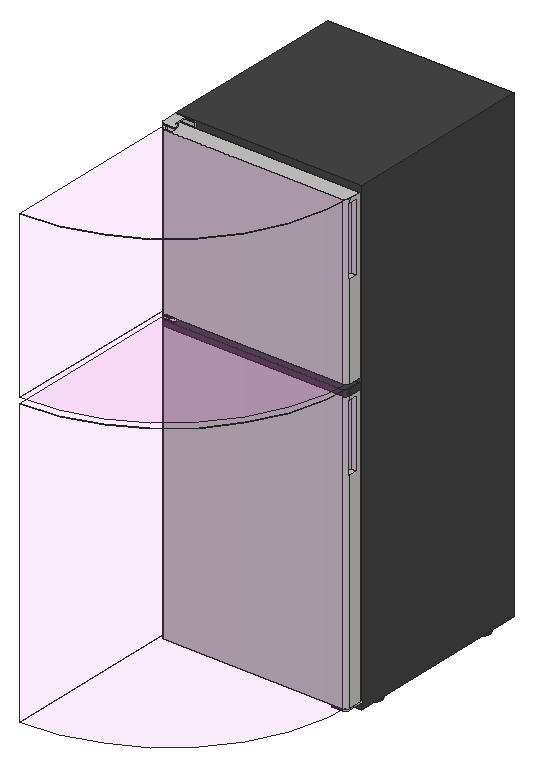
Revit family "QF_Summit_FF1087B_Frost_Free_Refrigerator_Freezer", category Specialty Equipment, Revit 2020
Family settings
  Round Connector Dimension = Use Diameter
  Part Type = Normal
  Work Plane-Based = No
  Always vertical = Yes
  Cut with Voids When Loaded = No
  Shared = No
  Room Calculation Point = No
Parameters
  Weight in Pounds = 117
  Watts = Volts * FL Amps  # 172.5 W
  Volts = 115 V
  URL Cutsheet = ""
  Specification by User = ""
  Specification by Manufacturer = ""
  Show RHD [instance] = not(Show LHD)  # yes
  Show LHD [instance] = no
  Show Clearance [instance] = yes
  Serial Number = ""
  Seismic Rating = ""
  SMACNA No = ""
  Revision Code = ""
  Refrigerant Volume = 0.00 kip
  Refrigerant Type = "R600a"
  Phase = 1
  Number of Poles = 1
  NAFEM Spec ID Number = ""
  Model = "FF1089PL"
  Min Ckt Ampacity = 0 A
  Max Overcurrent Protection = 0 A
  Masterspec = ""
  Manufacturer = "Summit"
  Length = 23 1/4"
  Item Number = ""
  Installed By = ""
  Identify Quantity as Lot = yes
  Height = 59 5/8"
  HP = ""
  Furnished By = ""
  Foodservice Equipment Identifier = yes
  FL Amps = 1.5 A
  Electrical Remarks = ""
  Electric Connection Type = ""
  Elec Conn RI Height = 0"
  Elec Conn Connection Height = 0"
  Description = "Top Mount Refrigerator-Freezer"
  Depth = 26 1/2"
  Default Elevation = 0"
  Cycle = 60 Hz
  Conn Plug = ""
  Conn Conduit = yes
  CSI MasterFormat = ""
  BTUH = 0.0 Btu/h
  Apparent Power = 0 VA
Reference planes (in)
  plane 1 "BACK": y = 0
  plane 2: z = 0
  plane 3 "LEFT": x = 0
  plane 4 "RIGHT": x = 23.25
  plane 5 "FRONT": y = -26.5
  plane 6 "TOP": z = 59.625
  plane 7 "Center Y": x = 11.625
  plane 8 "Center X": y = -13.25
Dimensions and locks (in)
  equal spacing: plane 3 "LEFT", plane 7 "Center Y", plane 4 "RIGHT"
  "Length": plane 3 "LEFT" to plane 4 "RIGHT"
  equal spacing: plane 5 "FRONT", plane 8 "Center X", plane 1 "BACK"
  "Depth": plane 5 "FRONT" to plane 1 "BACK"
  "Height": plane 6 "TOP" to level
  aligned and locked: level to plane 2
Nested families (in)
  nested 1: "FF1087B" at (0, 0, 0), Show Clearance <- "Show Clearance", Show LHD <- "Show LHD", Show RHD <- "Show RHD", type "FF1087B"
    with Show RHD yes, Show LHD no, Show Clearance yes
Connectors (in)
  electrical at (19.5385, 0.03125, 2.88959), driven by "Volts", driven by "Watts"
    settings: on nested 1, index 1, voltage 115 V, apparent load 172.5 VA, apparent load phase1 0 VA, apparent load phase2 0 VA, apparent load phase3 0 VA, power factor 1, load classification "Other", number of poles 1, system type 30, power factor state 1, is connector primary yes, connector utility no, sub classification motor no, connector description "ELECTRICAL CONNECTION"
Definition of nested family "FF1087B"
  Parameters (values of type "FF1087B")
    Weight in Pounds = 0
    URL Cutsheet = ""
    Specification by User = ""
    Specification by Manufacturer = ""
    Show RHD [instance] = yes
    Show LHD [instance] = yes
    Show Clearance [instance] = yes
    Serial Number = ""
    Seismic Rating = ""
    SMACNA No = ""
    Revision Code = ""
    NAFEM Spec ID Number = ""
    Masterspec = ""
    Length = 23 1/4"
    Item Number = ""
    Installed By = ""
    Identify Quantity as Lot = yes
    Height = 59 5/8"
    Furnished By = ""
    Foodservice Equipment Identifier = yes
    Depth = 26 1/2"
    Default Elevation = 0"
    CSI MasterFormat = ""
  Reference planes (in)
    plane 1 "BACK": y = 0
    plane 2: z = 0
    plane 3 "LEFT": x = 0
    plane 4 "RIGHT": x = 23.25
    plane 5 "FRONT": y = -26.5
    plane 6 "TOP": z = 59.625
    plane 7 "Center Y": x = 11.625
    plane 8 "Center X": y = -13.25
    plane 9: z = 1
    plane 10: y = -48
  Forms (in)
    Extrusion 1, solid
      sketch origin (-7.61333, -180, 1) x (-1, 0, 0) y (0, -1, 0)
        loop
          line (-7.61333, -180) -> (-7.61333, -156.375) -> (-30.86333, -156.375) -> (-30.86333, -180) -> (-7.61333, -180)
      from 0 to 58.625
    Extrusion 2, solid
      sketch origin (-7.61333, -180, 59) x (-1, 0, 0) y (0, -1, 0)
        loop
          line (-7.61333, -155.93028) -> (-7.61333, -154.39525)
          arc (-7.61333, -154.39525) -> (-7.74743, -154.05448) -> (-8.07781, -153.89651) r 0.5
          arc (-8.07781, -153.89651) -> (-19.23833, -153.49958) -> (-30.39885, -153.89651) r 157.10016
          arc (-30.39885, -153.89651) -> (-30.72922, -154.05448) -> (-30.86333, -154.39525) r 0.5
          line (-30.86333, -154.39525) -> (-30.86333, -155.93028) -> (-7.61333, -155.93028)
      from 0 to -20.625
    Extrusion 3, solid
      sketch origin (-7.61333, -180, 37.75) x (-1, 0, 0) y (0, -1, 0)
        loop
          line (-7.61333, -155.93028) -> (-7.61333, -154.39525)
          arc (-7.61333, -154.39525) -> (-7.74743, -154.05448) -> (-8.07781, -153.89651) r 0.5
          arc (-8.07781, -153.89651) -> (-19.23833, -153.49958) -> (-30.39885, -153.89651) r 157.10016
          arc (-30.39885, -153.89651) -> (-30.72922, -154.05448) -> (-30.86333, -154.39525) r 0.5
          line (-30.86333, -154.39525) -> (-30.86333, -155.93028) -> (-7.61333, -155.93028)
      from -0.75 to -35.75
    Extrusion 4, solid
      sketch origin (-7.61333, -180, 59) x (-1, 0, 0) y (0, -1, 0)
        loop
          line (-30.74672, -156.375) -> (-7.74209, -156.375) -> (-7.74209, -155.93028) -> (-30.74672, -155.93028) -> (-30.74672, -156.375)
      from -0.24547 to -20.26909
    Extrusion 5, solid
      sketch origin (-7.61333, -180, 37.75) x (-1, 0, 0) y (0, -1, 0)
        loop
          line (-30.74672, -156.375) -> (-7.74209, -156.375) -> (-7.74209, -155.93028) -> (-30.74672, -155.93028) -> (-30.74672, -156.375)
      from -0.38759 to -35.3814
    Extrusion 6, solid, visible <- "Show LHD"
      sketch origin (-7.61333, -180, 59.625) x (-1, 0, 0) y (0, -1, 0)
        loop
          line (-29.60685, -156.21332) -> (-29.60685, -154.96332) -> (-29.07652, -154.43299) -> (-29.07652, -153.89651) -> (-30.39885, -153.89651)
          arc (-30.39885, -153.89651) -> (-30.72922, -154.05448) -> (-30.86333, -154.39525) r 0.5
          line (-30.86333, -154.39525) -> (-30.86333, -156.375) -> (-28.35685, -156.375) -> (-28.35685, -156.21332) -> (-29.60685, -156.21332)
      from 0 to -0.11515
    Extrusion 7, solid, visible <- "Show LHD"
      sketch origin (-7.61333, -180, 59.50985) x (0, -1, 0) y (-1, 0, 0)
        loop
          circle (-154.55995, -30.08212) r 0.5
      from 0 to 0.50985
    Extrusion 8, solid, visible <- "Show LHD"
      sketch origin (24.24916, -23.625, 1) x (-1, 0, 0) y (0, 0, -1)
        loop
          line (3.50564, -58.50985) -> (3.50564, -58) -> (0.99916, -58) -> (0.99916, -58.50985) -> (3.50564, -58.50985)
      from 0 to 0.16168
    Extrusion 9, solid, visible <- "Show LHD"
      sketch origin (-7.61333, -180, 38.375) x (0, -1, 0) y (-1, 0, 0)
        loop
          line (-156.21332, -29.60685) -> (-156.21332, -28.35685) -> (-156.375, -28.35685) -> (-156.375, -30.86333) -> (-154.39525, -30.86333)
          arc (-154.39525, -30.86333) -> (-154.05448, -30.72922) -> (-153.89651, -30.39885) r 0.5
          line (-153.89651, -30.39885) -> (-153.89651, -29.07652) -> (-154.43299, -29.07652) -> (-154.96332, -29.60685) -> (-156.21332, -29.60685)
      from 0 to 0.11328
    Extrusion 10, solid, visible <- "Show LHD"
      sketch origin (24.24916, -23.625, -20.13485) x (-1, 0, 0) y (0, 0, -1)
        loop
          line (3.50564, -58.50985) -> (3.50564, -58.19538) -> (0.99916, -58.19538) -> (0.99916, -58.50985) -> (3.50564, -58.50985)
      from 0 to 0.16168
    Extrusion 11, solid, visible <- "Show LHD"
      sketch origin (-7.61333, -180, 38.26172) x (1, 0, 0) y (0, -1, 0)
        loop
          circle (30.08212, -154.55995) r 0.5
      from 0 to 0.20119
    Extrusion 12, solid, visible <- "Show LHD"
      sketch origin (-7.61333, -180, 37.87144) x (1, 0, 0) y (0, 1, 0)
        loop
          line (29.60685, 156.21332) -> (29.60685, 154.96332) -> (29.07652, 154.43299) -> (29.07652, 153.89651) -> (30.39885, 153.89651)
          arc (30.39885, 153.89651) -> (30.72922, 154.05448) -> (30.86333, 154.39525) r 0.5
          line (30.86333, 154.39525) -> (30.86333, 156.375) -> (28.35685, 156.375) -> (28.35685, 156.21332) -> (29.60685, 156.21332)
      from 0 to 0.11328
    Extrusion 13, solid, visible <- "Show LHD"
      sketch origin (24.24916, -23.625, 96.25985) x (-1, 0, 0) y (0, 0, -1)
        loop
          line (3.50564, 58.50985) -> (0.99916, 58.50985) -> (0.99916, 58.38841) -> (3.50564, 58.38841) -> (3.50564, 58.50985)
      from 0 to 0.16168
    Extrusion 14, solid, visible <- "Show LHD"
      sketch origin (-7.61333, -180, 37.98472) x (0, 1, 0) y (1, 0, 0)
        loop
          circle (154.55995, 30.08212) r 0.5
      from 0.11328 to 0.23472
    Extrusion 15, solid
      sketch origin (-7.61333, -180, 1.87856) x (0, -1, 0) y (-1, 0, 0)
        loop
          line (-156.21332, -29.60685) -> (-156.21332, -28.35685) -> (-156.375, -28.35685) -> (-156.375, -30.86333) -> (-154.39525, -30.86333)
          arc (-154.39525, -30.86333) -> (-154.05448, -30.72922) -> (-153.89651, -30.39885) r 0.5
          line (-153.89651, -30.39885) -> (-153.89651, -29.07652) -> (-154.43299, -29.07652) -> (-154.96332, -29.60685) -> (-156.21332, -29.60685)
      from 0 to 0.11328
    Extrusion 16, solid
      sketch origin (24.24916, -23.625, -56.50985) x (-1, 0, 0) y (0, 0, -1)
        loop
          line (3.50564, -58.50985) -> (3.50564, -58.38841) -> (0.99916, -58.38841) -> (0.99916, -58.50985) -> (3.50564, -58.50985)
      from 0 to 0.16168
    Extrusion 17, solid
      sketch origin (-7.61333, -180, 1.87856) x (0, -1, 0) y (1, 0, 0)
        loop
          circle (-154.55995, 30.08212) r 0.5
      from 0 to 0.12144
    Extrusion 18, solid
      sketch origin (0, 0, 0) x (1, 0, 0) y (0, 0, 1)
        loop
          circle (19.5385, 2.88959) r 0.25
      from 0 to -0.03125
    Extrusion 19, solid, visible <- "Show LHD"
      sketch origin (-7.61333, -180, 59) x (-1, 0, 0) y (0, -1, 0)
        loop
          arc (-7.61333, -155.93028) -> (-14.17783, -139.0485) -> (-30.86333, -132) r 23.25
          line (-30.86333, -132) -> (-30.86333, -155.93028) -> (-7.61333, -155.93028)
      from 0 to -20.625
    Extrusion 20, solid, visible <- "Show LHD"
      sketch origin (-7.61333, -180, 37) x (-1, 0, 0) y (0, -1, 0)
        loop
          arc (-7.62328, -155.93028) -> (-14.18431, -139.05207) -> (-30.86333, -132) r 23.25
          line (-30.86333, -132) -> (-30.86333, -155.93028) -> (-7.62328, -155.93028)
      from 0.75 to -35
    Extrusion 21, void
      sketch origin (0, 0, 0) x (0, 1, 0) y (0, 0, 1)
        loop
          line (-24.51783, 58.58233) -> (-25.76783, 58.58233) -> (-25.76783, 50.08233) -> (-24.51783, 50.08233) -> (-24.51783, 58.58233)
        loop
          line (-24.51783, 36.58233) -> (-25.76783, 36.58233) -> (-25.76783, 28.08233) -> (-24.51783, 28.08233) -> (-24.51783, 36.58233)
      from 0 to 0.6986
    Revolve 22, solid
      sketch origin (-240, -19.625, 7.84354) x (0, 0, 1) y (-1, 0, 0)
        loop
          line (-6.84354, -241.5) -> (-7.84354, -241.5) -> (-7.84354, -242.25) -> (-6.84354, -242.25) -> (-6.84354, -241.5)
        axis (-7.84354, -241.5) -> (-6.84354, -241.5)
      angle from 0 to 360
    Revolve 23, solid
      sketch origin (-240, -19.625, 7.84354) x (0, 0, 1) y (-1, 0, 0)
        loop
          line (-6.84354, -261.75) -> (-6.84354, -261) -> (-7.84354, -261) -> (-7.84354, -261.75) -> (-6.84354, -261.75)
        axis (-7.84354, -261.75) -> (-6.84354, -261.75)
      angle from 0 to 360
    Revolve 24, solid
      sketch origin (-240, -2.75, 7.84354) x (0, 0, 1) y (1, 0, 0)
        loop
          line (-6.84354, 241.5) -> (-6.84354, 242.25) -> (-7.84354, 242.25) -> (-7.84354, 241.5) -> (-6.84354, 241.5)
        axis (-7.84354, 241.5) -> (-6.84354, 241.5)
      angle from 0 to 360
    Revolve 25, solid
      sketch origin (-240, -2.75, 7.84354) x (0, 0, 1) y (1, 0, 0)
        loop
          line (-6.84354, 261.75) -> (-7.84354, 261.75) -> (-7.84354, 261) -> (-6.84354, 261) -> (-6.84354, 261.75)
        axis (-7.84354, 261.75) -> (-6.84354, 261.75)
      angle from 0 to 360
    Extrusion 26, solid, visible <- "Show RHD"
      sketch origin (30.86333, -180, 59) x (1, 0, 0) y (0, 1, 0)
        loop
          line (-7.61333, 155.93028) -> (-30.86333, 155.93028) -> (-30.86333, 132)
          arc (-30.86333, 132) -> (-14.17783, 139.0485) -> (-7.61333, 155.93028) r 23.25
      from 0 to -20.625
    Extrusion 27, solid, visible <- "Show RHD"
      sketch origin (30.86333, -180, 37) x (1, 0, 0) y (0, 1, 0)
        loop
          line (-7.62328, 155.93028) -> (-30.86333, 155.93028) -> (-30.86333, 132)
          arc (-30.86333, 132) -> (-14.18431, 139.05207) -> (-7.62328, 155.93028) r 23.25
      from 0.75 to -35
    Extrusion 28, solid, visible <- "Show RHD"
      sketch origin (30.86333, -180, 59.625) x (1, 0, 0) y (0, 1, 0)
        loop
          line (-29.60685, 156.21332) -> (-28.35685, 156.21332) -> (-28.35685, 156.375) -> (-30.86333, 156.375) -> (-30.86333, 154.39525)
          arc (-30.86333, 154.39525) -> (-30.72922, 154.05448) -> (-30.39885, 153.89651) r 0.5
          line (-30.39885, 153.89651) -> (-29.07652, 153.89651) -> (-29.07652, 154.43299) -> (-29.60685, 154.96332) -> (-29.60685, 156.21332)
      from 0 to -0.11515
    Extrusion 29, solid, visible <- "Show RHD"
      sketch origin (30.86333, -180, 59.50985) x (0, 1, 0) y (1, 0, 0)
        loop
          circle (154.55995, -30.08212) r 0.5
      from 0 to 0.50985
    Extrusion 30, solid, visible <- "Show RHD"
      sketch origin (-0.99916, -23.625, 1) x (1, 0, 0) y (0, 0, 1)
        loop
          line (3.50564, 58.50985) -> (0.99916, 58.50985) -> (0.99916, 58) -> (3.50564, 58) -> (3.50564, 58.50985)
      from 0 to 0.16168
    Extrusion 31, solid, visible <- "Show RHD"
      sketch origin (30.86333, -180, 38.375) x (0, 1, 0) y (1, 0, 0)
        loop
          line (156.21332, -29.60685) -> (154.96332, -29.60685) -> (154.43299, -29.07652) -> (153.89651, -29.07652) -> (153.89651, -30.39885)
          arc (153.89651, -30.39885) -> (154.05448, -30.72922) -> (154.39525, -30.86333) r 0.5
          line (154.39525, -30.86333) -> (156.375, -30.86333) -> (156.375, -28.35685) -> (156.21332, -28.35685) -> (156.21332, -29.60685)
      from 0 to 0.11328
    Extrusion 32, solid, visible <- "Show RHD"
      sketch origin (-0.99916, -23.625, -20.13485) x (1, 0, 0) y (0, 0, 1)
        loop
          line (3.50564, 58.50985) -> (0.99916, 58.50985) -> (0.99916, 58.19538) -> (3.50564, 58.19538) -> (3.50564, 58.50985)
      from 0 to 0.16168
    Extrusion 33, solid, visible <- "Show RHD"
      sketch origin (30.86333, -180, 38.26172) x (-1, 0, 0) y (0, 1, 0)
        loop
          circle (30.08212, 154.55995) r 0.5
      from 0 to 0.20119
    Extrusion 34, solid, visible <- "Show RHD"
      sketch origin (30.86333, -180, 37.87144) x (-1, 0, 0) y (0, -1, 0)
        loop
          line (29.60685, -156.21332) -> (28.35685, -156.21332) -> (28.35685, -156.375) -> (30.86333, -156.375) -> (30.86333, -154.39525)
          arc (30.86333, -154.39525) -> (30.72922, -154.05448) -> (30.39885, -153.89651) r 0.5
          line (30.39885, -153.89651) -> (29.07652, -153.89651) -> (29.07652, -154.43299) -> (29.60685, -154.96332) -> (29.60685, -156.21332)
      from 0 to 0.11328
    Extrusion 35, solid, visible <- "Show RHD"
      sketch origin (-0.99916, -23.625, 96.25985) x (1, 0, 0) y (0, 0, 1)
        loop
          line (3.50564, -58.50985) -> (3.50564, -58.38841) -> (0.99916, -58.38841) -> (0.99916, -58.50985) -> (3.50564, -58.50985)
      from 0 to 0.16168
    Extrusion 36, solid, visible <- "Show RHD"
      sketch origin (30.86333, -180, 37.98472) x (0, -1, 0) y (-1, 0, 0)
        loop
          circle (-154.55995, 30.08212) r 0.5
      from 0.11328 to 0.23472
    Extrusion 37, void
      sketch origin (23.25, 0, 0) x (0, 1, 0) y (0, 0, -1)
        loop
          line (-24.51783, -58.58233) -> (-24.51783, -50.08233) -> (-25.76783, -50.08233) -> (-25.76783, -58.58233) -> (-24.51783, -58.58233)
        loop
          line (-24.51783, -36.58233) -> (-24.51783, -28.08233) -> (-25.76783, -28.08233) -> (-25.76783, -36.58233) -> (-24.51783, -36.58233)
      from 0 to 0.6986
    Extrusion 38, solid
      sketch origin (-7.61333, -180, 39.75) x (-1, 0, 0) y (0, -1, 0)
        loop
          line (-7.61333, -155.93028) -> (-7.61333, -154.39525)
          arc (-7.61333, -154.39525) -> (-7.74743, -154.05448) -> (-8.07781, -153.89651) r 0.5
          arc (-8.07781, -153.89651) -> (-19.23833, -153.49958) -> (-30.39885, -153.89651) r 157.10016
          arc (-30.39885, -153.89651) -> (-30.72922, -154.05448) -> (-30.86333, -154.39525) r 0.5
          line (-30.86333, -154.39525) -> (-30.86333, -155.93028) -> (-7.61333, -155.93028)
      from -2 to -2.75
  Cuts and joins
    joined: Extrusion 6, Extrusion 8
    joined: Extrusion 15, Extrusion 16
    joined: Extrusion 12, Extrusion 13
    joined: Extrusion 9, Extrusion 10
    Extrusion 21, Extrusion 37 cuts Extrusion 2
    Extrusion 21, Extrusion 37 cuts Extrusion 3
    Extrusion 37 cuts Extrusion 20
  Lines and regions (in)
    symbolic lines, visible <- "Show LHD"
      curve 1: line (23.25, -24.06972, 0) -> (2.81923, -35.86543, 0)
      curve 2: arc (0, -24.06972, 0) -> (0.62694, -30.15463, 0) -> (2.81923, -35.86543, 0) r 23.25
      curve 7: line (20.74352, -23.625, 0) -> (20.74352, -23.78668, 0)
      curve 8: line (20.74352, -23.78668, 0) -> (23.25, -23.78668, 0)
      curve 9: line (21.99352, -23.78668, 0) -> (21.99352, -25.03668, 0)
      curve 10: line (21.99352, -25.03668, 0) -> (21.46319, -25.56701, 0)
      curve 11: line (21.46319, -25.56701, 0) -> (21.46319, -26.10349, 0)
      curve 12: line (21.46319, -26.10349, 0) -> (22.78552, -26.10349, 0)
      curve 15: line (21.99352, -24.06972, 0) -> (0, -24.06972, 0)
    symbolic lines
      curve 3: line (0, 0, 0) -> (0, -23.625, 0)
      curve 4: line (0, -23.625, 0) -> (23.25, -23.625, 0)
      curve 5: line (23.25, -25.60475, 0) -> (23.25, 0, 0)
      curve 6: line (23.25, 0, 0) -> (0, 0, 0)
      curve 13: arc (22.78552, -26.10349, 0) -> (23.1159, -25.94552, 0) -> (23.25, -25.60475, 0) r 0.5
      curve 14: line (0.12876, -23.625, 0) -> (0.12876, -24.06972, 0)
      curve 16: line (0, -24.06972, 0) -> (0, -25.60475, 0)
      curve 17: arc (0, -25.60475, 0) -> (0.1341, -25.94552, 0) -> (0.46448, -26.10349, 0) r 0.5
      curve 18: arc (0.46448, -26.10349, 0) -> (11.625, -26.50042, 0) -> (22.78552, -26.10349, 0) r 157.10016
    symbolic lines, visible <- "Show RHD"
      curve 19: line (0, -24.06972, 0) -> (20.43077, -35.86543, 0)
      curve 20: arc (23.25, -24.06972, 0) -> (22.62306, -30.15463, 0) -> (20.43077, -35.86543, 0) r 23.25
      curve 21: line (1.25648, -23.78668, 0) -> (1.25648, -25.03668, 0)
      curve 22: line (1.25648, -25.03668, 0) -> (1.78681, -25.56701, 0)
      curve 23: line (1.78681, -25.56701, 0) -> (1.78681, -26.10349, 0)
      curve 24: line (1.78681, -26.10349, 0) -> (0.46448, -26.10349, 0)
      curve 25: line (2.50648, -23.625, 0) -> (2.50648, -23.78668, 0)
      curve 26: line (2.50648, -23.78668, 0) -> (0, -23.78668, 0)
      curve 27: line (1.25648, -24.06972, 0) -> (23.25, -24.06972, 0)
  Dimensions and locks (in)
    equal spacing: plane 3 "LEFT", plane 7 "Center Y", plane 4 "RIGHT"
    "Length": plane 3 "LEFT" to plane 4 "RIGHT"
    equal spacing: plane 5 "FRONT", plane 8 "Center X", plane 1 "BACK"
    "Depth": plane 5 "FRONT" to plane 1 "BACK"
    "Height": plane 6 "TOP" to level
    plane 1 "BACK" to plane 10 = 48"
    aligned and locked: level to plane 2
    aligned and locked: cut or joined group of Extrusion 20, Extrusion 37 to Extrusion 38
    aligned and locked: Extrusion 27 to cut or joined group of Extrusion 20, Extrusion 37
    aligned and locked: Extrusion 20 to Extrusion 17
    aligned and locked: Extrusion 27 to Extrusion 17
  Automatic sketch dimensions
    plane 1 "BACK" to Extrusion 1 sketch curve = 0"
    Extrusion 1 sketch curve to plane 4 "RIGHT" = 0"
    Extrusion 1 sketch curve to plane 3 "LEFT" = 0"
    Extrusion 1 sketch curve to plane 5 "FRONT" = 2 7/8"
    Extrusion 2 sketch curve to plane 4 "RIGHT" = 0"
    Extrusion 2 sketch curve to plane 7 "Center Y" = 0"
    Extrusion 2 sketch curve to plane 3 "LEFT" = 0"
    plane 4 "RIGHT" to Extrusion 2 sketch curve = 1/2"
    Extrusion 2 sketch curve to Extrusion 2 sketch curve = 1/2"
    Extrusion 2 sketch curve to plane 1 "BACK" = 130.59974"
    Extrusion 2 sketch curve to plane 5 "FRONT" = 2.43028"
    Extrusion 2 sketch curve to plane 5 "FRONT" = 0.89525"  (x2)
    Extrusion 2 sketch curve to Extrusion 2 sketch curve = 0"
    Extrusion 3 sketch curve to plane 4 "RIGHT" = 0"
    Extrusion 3 sketch curve to plane 7 "Center Y" = 0"
    Extrusion 3 sketch curve to plane 3 "LEFT" = 0"
    plane 4 "RIGHT" to Extrusion 3 sketch curve = 1/2"
    Extrusion 3 sketch curve to Extrusion 3 sketch curve = 1/2"
    Extrusion 3 sketch curve to plane 1 "BACK" = 130.59974"
    Extrusion 3 sketch curve to plane 5 "FRONT" = 2.43028"
    Extrusion 3 sketch curve to plane 5 "FRONT" = 0.89525"  (x2)
    Extrusion 3 sketch curve to Extrusion 3 sketch curve = 0"
    Extrusion 4 sketch curve to Extrusion 2 = 0"
    Extrusion 4 sketch curve to Extrusion 2 = 0.11661"
    Extrusion 4 sketch curve to Extrusion 2 = 0.12876"
    Extrusion 2 to Extrusion 4 sketch curve = 0.44472"
    plane 4 "RIGHT" to Extrusion 5 sketch curve = 0.11661"
    plane 3 "LEFT" to Extrusion 5 sketch curve = 0.12876"
    Extrusion 5 sketch curve to plane 5 "FRONT" = 2 7/8"
    Extrusion 5 sketch curve to Extrusion 5 sketch curve = 0.44472"
    Extrusion 6 sketch curve to Extrusion 1 = 0"
    Extrusion 1 to Extrusion 6 sketch curve = 0"
    Extrusion 6 sketch curve to Extrusion 1 = 0.46448"
    Extrusion 6 sketch curve to Extrusion 6 sketch curve = 1/2"
    Extrusion 6 sketch curve to Extrusion 6 sketch curve = 0.75648"
    Extrusion 6 sketch curve to Extrusion 6 sketch curve = 0.53033"  (x2)
    Extrusion 6 sketch curve to Extrusion 6 sketch curve = 1 1/4"  (x2)
    Extrusion 1 to Extrusion 6 sketch curve = 0.16168"
    Extrusion 6 sketch curve to Extrusion 6 sketch curve = 0.56807"
    Extrusion 6 to Extrusion 7 sketch curve = 0.66344"
    Extrusion 6 to Extrusion 7 sketch curve = 0.47527"
    Extrusion 8 sketch curve to Extrusion 1 = 0"
    Extrusion 1 to Extrusion 8 sketch curve = 5/8"
    Extrusion 8 sketch curve to Extrusion 8 sketch curve = 2.50648"
    Extrusion 1 to Extrusion 8 sketch curve = 0.11515"
    Extrusion 9 sketch curve to Extrusion 9 sketch curve = 0.03774"
    Extrusion 9 sketch curve to Extrusion 9 sketch curve = 0.53033"  (x2)
    Extrusion 9 sketch curve to Extrusion 2 = 0.28304"
    Extrusion 9 sketch curve to Extrusion 2 = 0.44472"
    Extrusion 9 sketch curve to Extrusion 9 sketch curve = 0.53648"
    Extrusion 2 to Extrusion 9 sketch curve = 1.25648"
    Extrusion 9 sketch curve to Extrusion 9 sketch curve = 1 1/4"
    Extrusion 10 sketch curve to Extrusion 1 = 0"
    Extrusion 10 sketch curve to Extrusion 10 sketch curve = 2.50648"
    Extrusion 1 to Extrusion 10 sketch curve = 21 1/4"
    Extrusion 10 sketch curve to Extrusion 10 sketch curve = 0.31447"
    Extrusion 9 to Extrusion 11 sketch curve = 0.47527"
    Extrusion 9 to Extrusion 11 sketch curve = 0.66344"
    Extrusion 12 sketch curve to plane 4 "RIGHT" = 0"
    plane 4 "RIGHT" to Extrusion 12 sketch curve = 0.46448"
    plane 4 "RIGHT" to Extrusion 12 sketch curve = 1/2"
    plane 4 "RIGHT" to Extrusion 12 sketch curve = 1.25648"
    Extrusion 12 sketch curve to plane 5 "FRONT" = 0.39651"
    Extrusion 12 sketch curve to Extrusion 12 sketch curve = 0.53033"  (x2)
    Extrusion 12 sketch curve to Extrusion 12 sketch curve = 1 1/4"  (x2)
    Extrusion 12 sketch curve to Extrusion 12 sketch curve = 0.53648"
    Extrusion 12 sketch curve to Extrusion 12 sketch curve = 0.16168"
    Extrusion 13 sketch curve to Extrusion 1 = 0"
    Extrusion 13 sketch curve to Extrusion 13 sketch curve = 2.50648"
    Extrusion 1 to Extrusion 13 sketch curve = 21.75356"
    Extrusion 13 sketch curve to Extrusion 13 sketch curve = 0.12144"
    Extrusion 14 sketch curve to Extrusion 12 = 0.66344"
    Extrusion 14 sketch curve to Extrusion 12 = 0.47527"
    Extrusion 15 sketch curve to plane 4 "RIGHT" = 0"
    Extrusion 15 sketch curve to plane 5 "FRONT" = 2 7/8"
    Extrusion 15 sketch curve to Extrusion 15 sketch curve = 0.16168"
    Extrusion 15 sketch curve to Extrusion 15 sketch curve = 1 1/4"  (x2)
    Extrusion 15 sketch curve to Extrusion 15 sketch curve = 0.53033"  (x2)
    plane 4 "RIGHT" to Extrusion 15 sketch curve = 1/2"
    Extrusion 15 sketch curve to plane 5 "FRONT" = 0.89525"
    Extrusion 15 sketch curve to plane 5 "FRONT" = 0.39651"
    plane 4 "RIGHT" to Extrusion 15 sketch curve = 1.25648"
    Extrusion 16 sketch curve to Extrusion 1 = 0"
    Extrusion 1 to Extrusion 16 sketch curve = 0.87856"
    Extrusion 16 sketch curve to Extrusion 16 sketch curve = 2.50648"
    Extrusion 16 sketch curve to Extrusion 16 sketch curve = 0.12144"
    plane 4 "RIGHT" to Extrusion 18 sketch curve = 3.7115"
    plane 9 to Extrusion 18 sketch curve = 1.88959"
    Extrusion 19 sketch curve to Extrusion 2 = 0"  (x3)
    Extrusion 19 sketch curve to Extrusion 2 = 0.00995"
    Extrusion 19 sketch curve to Extrusion 2 = 0.68028"
    Extrusion 21 sketch curve to plane 5 "FRONT" = 0.73217"  (x2)
    Extrusion 21 sketch curve to Extrusion 21 sketch curve = 1 1/4"  (x2)
    plane 9 to Extrusion 21 sketch curve = 27.08233"
    Extrusion 21 sketch curve to Extrusion 21 sketch curve = 8 1/2"
    Extrusion 21 sketch curve to plane 6 "TOP" = 9.54267"
    Extrusion 21 sketch curve to plane 6 "TOP" = 1.04267"
    Revolve 22 sketch curve to level = 0"  (x2)
    Revolve 22 sketch curve to plane 9 = 0"
    plane 3 "LEFT" to Revolve 22 sketch curve = 2 1/4"
    Revolve 22 sketch curve to Revolve 22 sketch curve = 3/4"
    Revolve 22 sketch curve to Revolve 22 sketch curve = 0.37507"
    Revolve 22 sketch curve to Revolve 22 sketch curve = 0"
    Revolve 23 sketch curve to level = 0"  (x2)
    Revolve 23 sketch curve to plane 9 = 0"
    plane 4 "RIGHT" to Revolve 23 sketch curve = 1 1/2"
    Revolve 23 sketch curve to Revolve 23 sketch curve = 3/4"
    Revolve 23 sketch curve to Revolve 23 sketch curve = 0.37507"
    Revolve 23 sketch curve to Revolve 23 sketch curve = 0"
    Revolve 24 sketch curve to level = 0"  (x2)
    Revolve 24 sketch curve to plane 9 = 0"
    plane 3 "LEFT" to Revolve 24 sketch curve = 1 1/2"
    Revolve 24 sketch curve to Revolve 24 sketch curve = 3/4"
    Revolve 24 sketch curve to Revolve 24 sketch curve = 0.37507"
    Revolve 24 sketch curve to Revolve 24 sketch curve = 0"
    Revolve 25 sketch curve to level = 0"  (x2)
    Revolve 25 sketch curve to plane 9 = 0"
    plane 4 "RIGHT" to Revolve 25 sketch curve = 2 1/4"
    Revolve 25 sketch curve to Revolve 25 sketch curve = 3/4"
    Revolve 25 sketch curve to Revolve 25 sketch curve = 0.37507"
    Revolve 25 sketch curve to Revolve 25 sketch curve = 0"
    Extrusion 26 sketch curve to Extrusion 2 = 0"  (x3)
    Extrusion 26 sketch curve to Extrusion 2 = 0.00995"
    Extrusion 26 sketch curve to Extrusion 2 = 0.68028"
    Extrusion 28 sketch curve to Extrusion 1 = 0"
    Extrusion 1 to Extrusion 28 sketch curve = 0"
    Extrusion 28 sketch curve to Extrusion 1 = 0.46448"
    Extrusion 28 sketch curve to Extrusion 1 = 1/2"
    Extrusion 28 sketch curve to Extrusion 28 sketch curve = 0.75648"
    Extrusion 28 sketch curve to Extrusion 28 sketch curve = 0.53033"  (x2)
    Extrusion 28 sketch curve to Extrusion 28 sketch curve = 1 1/4"  (x2)
    Extrusion 1 to Extrusion 28 sketch curve = 0.16168"
    Extrusion 28 sketch curve to Extrusion 28 sketch curve = 0.56807"
    Extrusion 28 to Extrusion 29 sketch curve = 0.66344"
    Extrusion 28 to Extrusion 29 sketch curve = 0.47527"
    Extrusion 30 sketch curve to Extrusion 1 = 0"
    Extrusion 1 to Extrusion 30 sketch curve = 5/8"
    Extrusion 1 to Extrusion 30 sketch curve = 2.50648"
    Extrusion 1 to Extrusion 30 sketch curve = 0.11515"
    Extrusion 31 sketch curve to Extrusion 31 sketch curve = 0.49874"
    Extrusion 31 sketch curve to Extrusion 31 sketch curve = 0.53648"
    Extrusion 31 sketch curve to Extrusion 31 sketch curve = 0.53033"  (x2)
    Extrusion 31 sketch curve to Extrusion 2 = 0.28304"
    Extrusion 31 sketch curve to Extrusion 2 = 0.44472"
    Extrusion 2 to Extrusion 31 sketch curve = 1.25648"
    Extrusion 31 sketch curve to Extrusion 31 sketch curve = 1 1/4"
    Extrusion 32 sketch curve to Extrusion 1 = 0"
    Extrusion 1 to Extrusion 32 sketch curve = 2.50648"
    Extrusion 1 to Extrusion 32 sketch curve = 21.56447"
    Extrusion 32 sketch curve to Extrusion 32 sketch curve = 0.31447"
    Extrusion 31 to Extrusion 33 sketch curve = 0.47527"
    Extrusion 31 to Extrusion 33 sketch curve = 0.66344"
    Extrusion 34 sketch curve to plane 3 "LEFT" = 0"
    plane 3 "LEFT" to Extrusion 34 sketch curve = 0.46448"
    plane 3 "LEFT" to Extrusion 34 sketch curve = 1/2"
    plane 3 "LEFT" to Extrusion 34 sketch curve = 1.25648"
    Extrusion 34 sketch curve to plane 5 "FRONT" = 0.39651"
    Extrusion 34 sketch curve to Extrusion 34 sketch curve = 0.53033"  (x2)
    Extrusion 34 sketch curve to Extrusion 34 sketch curve = 1 1/4"  (x2)
    Extrusion 34 sketch curve to Extrusion 34 sketch curve = 0.53648"
    Extrusion 34 sketch curve to Extrusion 34 sketch curve = 0.16168"
    Extrusion 35 sketch curve to Extrusion 1 = 0"
    Extrusion 1 to Extrusion 35 sketch curve = 2.50648"
    Extrusion 1 to Extrusion 35 sketch curve = 21 7/8"
    Extrusion 35 sketch curve to Extrusion 35 sketch curve = 0.12144"
    Extrusion 36 sketch curve to Extrusion 34 = 0.66344"
    Extrusion 36 sketch curve to Extrusion 34 = 0.47527"
    Extrusion 37 sketch curve to plane 5 "FRONT" = 0.73217"  (x2)
    Extrusion 37 sketch curve to Extrusion 37 sketch curve = 1 1/4"  (x2)
    Extrusion 37 sketch curve to plane 6 "TOP" = 1.04267"
    Extrusion 37 sketch curve to Extrusion 37 sketch curve = 8 1/2"  (x2)
    Extrusion 37 sketch curve to Extrusion 37 sketch curve = 13 1/2"
    Extrusion 38 sketch curve to plane 4 "RIGHT" = 0"
    Extrusion 38 sketch curve to plane 7 "Center Y" = 0"
    Extrusion 38 sketch curve to plane 3 "LEFT" = 0"
    plane 4 "RIGHT" to Extrusion 38 sketch curve = 1/2"
    Extrusion 38 sketch curve to Extrusion 38 sketch curve = 1/2"
    Extrusion 38 sketch curve to plane 1 "BACK" = 130.59974"
    Extrusion 38 sketch curve to plane 5 "FRONT" = 2.43028"
    Extrusion 38 sketch curve to plane 5 "FRONT" = 0.89525"  (x2)
    Extrusion 38 sketch curve to Extrusion 38 sketch curve = 0"
    curve 19 to plane 3 "LEFT" = 0"
    curve 26 to plane 3 "LEFT" = 0"
    plane 1 "BACK" to curve 3 = 0"
    curve 3 to plane 3 "LEFT" = 0"
    curve 18 to plane 7 "Center Y" = 0"
    curve 13 to plane 4 "RIGHT" = 0"
    plane 3 "LEFT" to curve 20 = 0.00995"
    plane 3 "LEFT" to curve 24 = 0.46448"
    curve 17 to curve 17 = 0.03552"
    curve 17 to curve 21 = 0.75648"
    curve 21 to curve 23 = 0.53033"
    curve 21 to curve 26 = 1 1/4"
    plane 3 "LEFT" to curve 1 = 2.81923"
    plane 4 "RIGHT" to curve 19 = 2.81923"
    plane 4 "RIGHT" to curve 8 = 2.50648"
    plane 4 "RIGHT" to curve 11 = 1.78681"
    curve 10 to curve 9 = 0.53033"
    plane 4 "RIGHT" to curve 13 = 1/2"
    plane 4 "RIGHT" to curve 2 = 0.00995"
    curve 3 to plane 5 "FRONT" = 2 7/8"
    curve 25 to curve 25 = 0.16168"
    curve 7 to curve 7 = 0.16168"
    curve 27 to curve 8 = 0.28304"
    curve 19 to curve 26 = 0.28304"
    curve 2 to curve 27 = 0.68028"
    curve 20 to curve 15 = 0.68028"
    curve 10 to curve 15 = 0.96696"
    curve 21 to curve 27 = 0.96696"
    curve 23 to curve 21 = 0.53033"
    curve 11 to curve 9 = 0.53033"
    curve 5 to curve 2 = 0.85475"
    curve 19 to curve 11 = 9.76194"
    curve 15 to curve 14 = 0.12876"
    Extrusion 17 sketch curve to Extrusion 15 = 0.66344"
    Extrusion 17 sketch curve to Extrusion 15 = 0.47527"
    Extrusion 20 sketch curve to Extrusion 3 = 0"  (x2)
    Extrusion 20 sketch curve to Extrusion 3 = 0.00995"
    Extrusion 20 sketch curve to Extrusion 3 = 0.68028"
    Extrusion 27 sketch curve to Extrusion 3 = 0"  (x2)
    Extrusion 27 sketch curve to Extrusion 3 = 0.00995"
    Extrusion 27 sketch curve to Extrusion 27 sketch curve = 0.68028"
    radius of Extrusion 7 sketch curve = 1/2"
    radius of Extrusion 9 sketch curve to Extrusion 2 = 0"
    radius of Extrusion 11 sketch curve = 1/2"
    radius of Extrusion 14 sketch curve = 1/2"
    radius of Extrusion 18 sketch curve = 1/4"
    radius of Extrusion 29 sketch curve = 1/2"
    radius of Extrusion 31 sketch curve to Extrusion 2 = 0"
    radius of Extrusion 33 sketch curve = 1/2"
    radius of Extrusion 36 sketch curve = 1/2"
    radius of Extrusion 17 sketch curve = 1/2"
